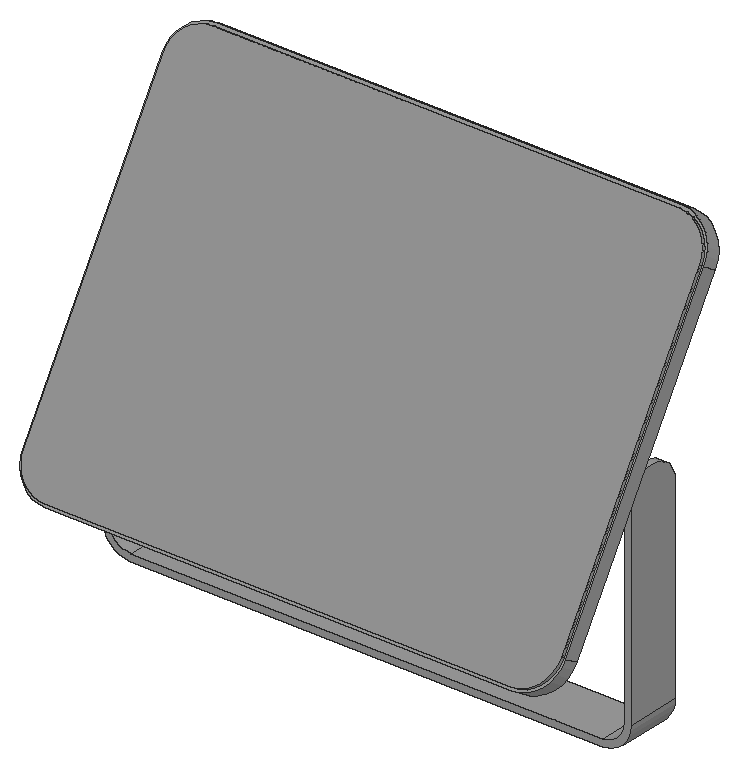
Revit family "0047965 Sylvania Lighting Fixture START eco Flood Flat IP65 2800lm 840", category Lighting Fixtures, host Face, Revit 2016
Family settings
  Host = Face
  Part Type = Normal
  Round Connector Dimension = Use Diameter
  OmniClass Number = 23.80.70.00
  OmniClass Title = Lighting
  Cut with Voids When Loaded = No
  Light Source = No
  Shared = No
  Room Calculation Point = No
Parameters (values of type "0047965 ST E FLD FLT IP65 2800LM 840")
  WidthBracketIn_SYL = if([10W_SYL], 102.2 mm, if([30W_SYL], 143.3 mm, if([50W_SYL], 181 mm, 262.8 mm)))  # 143.3 mm
  Weight = "6.54 kg"
  Wattage Comments = ""
  WarrantyStartDate [instance] = "n/a"
  WarrantyGuarantorParts = "n/a"
  WarrantyDurationUnit = "n/a"
  WarrantyDurationParts = "n/a"
  WarrantyDescription = "n/a"
  Voltage = 0 V
  URL = "http://www.sylvania-lighting.com"
  TypeName = "START eco Flood Flat IP65 2800lm 840"
  TypeLight_SYL = START eco Flood Flat Lamp : 0047965 ST E FLD FLT IP65 2800LM 840
  Type Image = <None>
  Type Comments = "n/a"
  ThicknessBracket_SYL = if([10W_SYL], 1.5 mm, 2 mm)  # 2 mm
  SerialNumber [instance] = "n/a"
  RotationAngle_SYL [instance] = 32.00°
  RadiusBracket_SYL = if([10W_SYL], 7.7 mm, if([30W_SYL], 8 mm, if([50W_SYL], 17 mm, 14 mm)))  # 8 mm
  RadiusBracketIn_SYL = RadiusBracket_SYL - ThicknessBracket_SYL  # 6 mm
  OffsetAxis_SYL = DepthBracket_SYL / 2  # 7.5 mm
  PowerFactor = 0.9
  PowerConsumption = "30 W"
  NominalLength = 156 mm
  NominalHeight = 38 mm
  NominalDepth = 126 mm
  Name = "START eco Flood Flat IP65 2800lm 840"
  ModelReference = Name  # "START eco Flood Flat IP65 2800lm 840"
  ModelNumber = "0047965"
  Model = Name  # "START eco Flood Flat IP65 2800lm 840"
  Material = "adc12 housing"
  ManufacturerName = "Feilo Sylvania"
  Manufacturer = "Feilo Sylvania"
  LuminousEfficacy = "95 lm/W"
  LuminaireType = ""
  LightOutputRatio = "n/a"
  LampsType = Lamp  # "LED"
  LampNominalLuminous = "2850 lm"
  LampMacAdamStep = "n/a"
  LampColourTemperature = "4000 K"
  LampColourRenderingIndex = "80"
  Lamp = "LED"
  Keynote = "16500"
  InstallationDate [instance] = "n/a"
  InputVoltage = "n/a"
  InputNominalFrequency = "n/a"
  IngressProtection = "IP65"
  ImpactProtectionIndex = "IK06"
  IfcExportType = "IfcLightFixtureType"
  IfcExportAs = "IfcLightFixtureType"
  HeightBracket_SYL = if([10W_SYL], 55 mm, if([30W_SYL], 70 mm, if([50W_SYL], 110 mm, 141 mm)))  # 70 mm
  ExpectedLife = 30000
  EndAngle_SYL [instance] = RotationAngle_SYL + 180.00°  # 212.00°
  ElectricShockClassification = "Class I"
  DurationUnit = "hours"
  DocumentationLiterature = "http://www.sylvania-lighting.com/product/en-int/products/0047965"
  DimmingControlOptions = "n/a"
  Description = "The new Start eco Flood Flat comes with improved design. The streamlined, durable, lightweight die-cast aluminium body makes it a perfect choice for building facades, car parks, garages and construction areas. The product includes 1 m pre-wired stripped cable and fitting bracket for quick and easy installation and the universal mounting bracket allows wall or surface mounting with the possibility of vertical tilting. Black die-cast aluminum housing, white reflector, 2850 lm, 30 W, 95 lm/W, 4000K, drive current 116 mA, non dimmable, CRI>80, IP65, IK06, Class I, lumen maintenance L70:B50: 30000 hrs, 156 x 126 x 38 mm (L x W x H). Weight: 0.545kg. Energy class: A++ A+ A."
  DepthBracket_SYL = if([10W_SYL], 15 mm, if([30W_SYL], 15 mm, if([50W_SYL], 17 mm, 25 mm)))  # 15 mm
  Default Elevation = 1219.2 mm
  CreatedOn = "10/8/2018"
  CreatedBy = "@sylvania-lighting.com"
  Cost = 0
  built-in parameter 1114216 [instance] = (empty or 0)
  ClassificationValue = "EF_70_80"
  ClassificationName = "Uniclass2015"
  Material_1_SYL = Body-Sylvania-FloodFlat-Black
  BarCode [instance] = "n/a"
  AssetType = "Fixed"
  AssetIdentifier [instance] = "n/a"
  Assembly Code = "D5020200"
  Apparent Load = 30 VA
  50W_SYL = no
  30W_SYL = yes
  10W_SYL = no
Reference planes
  plane 1 "Center (Front/Back)": y = 0
  plane 2: z = 0
  plane 3 "Center (Left/Right)": x = 0
  plane 4: x = -73.65
  plane 5: x = 73.65
  plane 6: z = 70
  plane 7: z = 62.5
  plane 8: x = -71.65
  plane 9: x = 71.65
  plane 10: z = 2
  plane 11: y = 7.5
  plane 12: y = -7.5
  plane 13: x = -65.65
  plane 14: z = 8
  plane 15: x = 65.65
  plane 16: y = -9.5
  plane 17: z = 72
  plane 18: y = 9.5
Forms (mm)
  Extrusion 1, solid, material "Body-Sylvania-FloodFlat-Black" <- "Material_1_SYL"
    sketch origin (0, 0, 0) x (1, 0, 0) y (0, 0, 1)
      loop
        line (-71.65, 70) -> (-73.65, 70) -> (-73.65, 8)
        arc (-73.65, 8) -> (-71.307, 2.343) -> (-65.65, 0) r 8
        line (-65.65, 0) -> (65.65, 0)
        arc (65.65, 0) -> (71.307, 2.343) -> (73.65, 8) r 8
        line (73.65, 8) -> (73.65, 70) -> (71.65, 70) -> (71.65, 8)
        arc (71.65, 8) -> (69.893, 3.757) -> (65.65, 2) r 6
        line (65.65, 2) -> (-65.65, 2)
        arc (-65.65, 2) -> (-69.893, 3.757) -> (-71.65, 8) r 6
        line (-71.65, 8) -> (-71.65, 70)
    from -7.5 to 7.5
  Extrusion 2, void
    sketch origin (0, 0, 0) x (0, 1, 0) y (0, 0, 1)
      loop
        line (7.5, 62.5) -> (9.5, 62.5) -> (9.5, 72) -> (-9.5, 72) -> (-9.5, 62.5) -> (-7.5, 62.5)
        arc (-7.5, 62.5) -> (0, 70) -> (7.5, 62.5) r 7.5
    from -73.65 to 73.65
  Revolve 3, solid, not visible
    sketch origin (0, 0, 0) x (1, 0, 0) y (0, 0, 1)
      loop
        line (0, 62.5) -> (0, 70) -> (-12.336, 70) -> (-12.336, 62.5) -> (0, 62.5)
      axis (0, 62.5) -> (-12.336, 62.5)
    angle from 32 <- "RotationAngle_SYL" to 212 <- "EndAngle_SYL"
Cuts and joins
  Extrusion 2 cuts Extrusion 1
Dimensions and locks
  equal spacing: plane 9, plane 3 "Center (Left/Right)", plane 8
  "WidthBracketIn_SYL": plane 9 to plane 8
  "ThicknessBracket_SYL": plane 8 to plane 4
  "ThicknessBracket_SYL": plane 5 to plane 9
  "ThicknessBracket_SYL": plane 10 to plane 2
  equal spacing: plane 12, plane 1 "Center (Front/Back)", plane 11
  "DepthBracket_SYL": plane 12 to plane 11
  "OffsetAxis_SYL": plane 7 to plane 6
  "HeightBracket_SYL": plane 6 to plane 2
  "RadiusBracket_SYL": plane 14 to plane 2
  equal spacing: plane 15, plane 3 "Center (Left/Right)", plane 13
  "RadiusBracket_SYL": plane 13 to plane 4
  equal spacing: plane 16, plane 1 "Center (Front/Back)", plane 18
  locked: plane 16 to plane 12 at 2
  locked: plane 6 to plane 17 at 2
  "RadiusBracket_SYL": radius of Extrusion 1 sketch curve  (x2)
  "RadiusBracketIn_SYL": radius of Extrusion 1 sketch curve  (x2)
  aligned and locked: plane 2 to host face
  aligned and locked: level to host face
  aligned and locked: Extrusion 1 sketch curve to plane 6  (x2)
  aligned and locked: Extrusion 1 sketch curve to plane 4
  aligned and locked: plane 5 to Extrusion 1 sketch curve
  aligned and locked: Extrusion 1 sketch curve to plane 9
  aligned and locked: Extrusion 1 sketch curve to plane 2
  aligned and locked: plane 13 to Extrusion 1 sketch curve
  aligned and locked: plane 14 to Extrusion 1 sketch curve  (x2)
  aligned and locked: plane 15 to Extrusion 1 sketch curve
  aligned and locked: Extrusion 1 to plane 11
  aligned and locked: plane 12 to Extrusion 1
  aligned and locked: plane 11 to Extrusion 2 sketch curve
  aligned and locked: plane 1 "Center (Front/Back)" to Extrusion 2 sketch curve
  aligned and locked: plane 7 to Extrusion 2 sketch curve
  aligned and locked: plane 17 to Extrusion 2 sketch curve
  aligned and locked: plane 18 to Extrusion 2 sketch curve
  aligned and locked: Extrusion 2 sketch curve to plane 16
  aligned and locked: Extrusion 2 sketch curve to plane 7  (x2)
  aligned and locked: plane 5 to Extrusion 2
  aligned and locked: Extrusion 2 to plane 4
  aligned and locked: Revolve 3 sketch curve to plane 7  (x2)
  aligned and locked: Revolve 3 sketch curve to plane 3 "Center (Left/Right)"
  aligned and locked: plane 6 to Revolve 3 sketch curve
  aligned and locked: plane 3 "Center (Left/Right)" to nested 1
Automatic sketch dimensions
  host sketch curve to host sketch curve = 2438.4 mm  (x2)
  Revolve 3 sketch curve to plane 3 "Center (Left/Right)" = 12.336 mm
  Revolve 3 sketch curve to plane 4 = 1122.5 mm
  plane 5 to Revolve 3 sketch curve = 1130.9 mm
Nested families
  nested 1: "START eco Flood Flat Lamp" at (0, 3.021, 67.334) x (1, 0, 0) z (0, -0.848, 0.5299), type <- "TypeLight_SYL", type "0047965 ST E FLD FLT IP65 2800LM 840"
    with built-in parameter 1114216 (empty or 0)
Connectors
  electrical at (0, 0, 0), driven by "Apparent Load", driven by "PowerFactor", driven by "Voltage"
    settings: index 1, voltage 0 V, apparent load 30 VA, apparent load phase1 0 VA, apparent load phase2 0 VA, apparent load phase3 0 VA, power factor 0.9, load classification "Lighting", number of poles 1, system type 30, power factor state 1, is connector primary yes, connector utility no, sub classification motor no, connector description ""
Definition of nested family "START eco Flood Flat Lamp"
  Parameters (values of type "0047977 ST E FLD FLT IP65 9000LM 840")
    Width_SYL = if([10W_SYL], 110 mm, if([30W_SYL], 151 mm, if([50W_SYL], 189 mm, 275 mm)))  # 275 mm
    WidthLEDBoard_SYL = if([10W_SYL], 40 mm, if([30W_SYL], 83 mm, if([50W_SYL], 80 mm, 180 mm)))  # 180 mm
    WidthVignette_SYL = if([10W_SYL], 78.6 mm, if([30W_SYL], 120 mm, if([50W_SYL], 157 mm, 226 mm)))  # 226 mm
    WidthBoltHousing_SYL = 4 * OffsetBoltHousing_SYL  # 24.5 mm
    Wattage Comments = "n/a"
    Wattage = 100 W
    built-in parameter 1150110 = 1 (stored number, unit not read)
    URL = "http://www.sylvania-lighting.com"
    Type Image = (empty or 0)
    Type Comments = "n/a"
    built-in parameter 1114217 = 1 (stored number, unit not read)
    Tilt Angle = -90.00°
    ThicknessScreen_SYL = if([10W_SYL], 5 mm, if([30W_SYL], 5.2 mm, if([50W_SYL], 5.4 mm, 6.1 mm)))  # 6.1 mm
    ThicknessDiffuser_SYL = 0.8 mm  # constant formula
    built-in parameter 1150109 = 1 (stored number, unit not read)
    built-in parameter 1150134 = 12
    built-in parameter 1150113 = 1 (stored number, unit not read)
    RotationAxisFromTop_SYL = if([10W_SYL], 48.8 mm, if([30W_SYL], 61.7 mm, if([50W_SYL], 91.3 mm, 133.4 mm)))  # 133.4 mm
    RadiusLEDBoard_SYL = if([10W_SYL], 1.5 mm, if([30W_SYL], 2 mm, if([50W_SYL], 1.9 mm, 3.7 mm)))  # 3.7 mm
    RadiusDiffuser_SYL = RadiusCorners_SYL - ThicknessDiffuser_SYL  # 13.4 mm
    RadiusCorners_SYL = if([10W_SYL], 10.5 mm, if([30W_SYL], 10.7 mm, if([50W_SYL], 10.7 mm, 14.2 mm)))  # 14.2 mm
    RadiusBoltHousing_SYL = if([10W_SYL], 4.1 mm, if([30W_SYL], 4.9 mm, if([50W_SYL], 5 mm, 8.1 mm)))  # 8.1 mm
    RadiusBack_SYL = RadiusCorners_SYL - OffsetXBack_SYL / 3  # 10.117 mm
    RadiusBackB_SYL = RadiusBack_SYL - OffsetXBackB_SYL  # 7.054 mm
    Photometric Web File = "0047977.ies"
    PIR_SYL = no
    PIRHolderRadius_SYL = PIRBaseFillet_SYL + 2 mm  # 11 mm
    PIRFillet_SYL = 3 mm  # constant formula
    PIRBaseWidth_SYL = 38 mm
    PIRBaseFillet_SYL = PIRBaseDepth_SYL / 2  # 9 mm
    PIRBaseDepth_SYL = 18 mm
    OffsetYBack_SYL = (Height_SYL - HeightVignette_SYL) / 4  # 11 mm
    OffsetYBackB_SYL = OffsetYBack_SYL / 4  # 2.75 mm
    OffsetXBack_SYL = (Width_SYL - WidthVignette_SYL) / 4  # 12.25 mm
    OffsetXBackB_SYL = OffsetXBack_SYL / 4  # 3.063 mm
    OffsetBoltHousing_SYL = OffsetXBack_SYL / 2  # 6.125 mm
    Material_7_SYL = none
    Material_6_SYL = none
    Material_5_SYL = none
    Material_3_SYL = none
    Model = "START eco Flood Flat IP65 9000lm 840"
    Manufacturer = "Feilo Sylvania"
    built-in parameter 1150105 = 3437 (stored number, unit not read)
    Lumens = 9500 lm
    built-in parameter 1150115 = 1 (stored number, unit not read)
    built-in parameter 1150137 = (empty or 0)
    built-in parameter 1150139 = (empty or 0)
    built-in parameter 1150112 = 1 (stored number, unit not read)
    built-in parameter 1150114 = 1 (stored number, unit not read)
    Lamp = "LED"
    Keynote = "16500"
    Material_2_SYL = none
    InsertionPlaneFromTop_SYL = if([10W_SYL], 15.1 mm, if([30W_SYL], 14.5 mm, if([50W_SYL], 14.8 mm, 19.3 mm)))  # 19.3 mm
    built-in parameter 1150132 = (empty or 0)
    built-in parameter 1150102 = (empty or 0)
    built-in parameter 1150107 = 4000 (stored number, unit not read)
    built-in parameter 1150138 = (empty or 0)
    built-in parameter 1150106 = 34.37 (stored number, unit not read)
    Height_SYL = if([10W_SYL], 81.6 mm, if([30W_SYL], 112 mm, if([50W_SYL], 140.5 mm, 211 mm)))  # 211 mm
    HeightVignette_SYL = if([10W_SYL], 50 mm, if([30W_SYL], 81 mm, if([50W_SYL], 110 mm, 167 mm)))  # 167 mm
    HeightLEDBoard_SYL = if([10W_SYL], 25 mm, if([30W_SYL], 39 mm, if([50W_SYL], 56 mm, 132 mm)))  # 132 mm
    Emit from Rectangle Width = HeightVignette_SYL - 2 * RadiusVignette_SYL  # 146.2 mm
    Emit from Rectangle Length = WidthVignette_SYL - 2 * RadiusVignette_SYL  # 205.2 mm
    Emit Shape Visible in Rendering = no
    built-in parameter 1150104 = 8.8258 (stored number, unit not read)
    Dimming Lamp Color Temperature Shift = (empty or 0)
    DepthLEDBoard_SYL = (ThicknessScreen_SYL + DepthBack_SYL) / 9  # 2.289 mm
    DepthBack_SYL = if([10W_SYL], 10.2 mm, if([30W_SYL], 14.7 mm, if([50W_SYL], 16.9 mm, 14.5 mm)))  # 14.5 mm
    RadiusVignette_SYL = if([10W_SYL], 4.1 mm, if([30W_SYL], 4.1 mm, if([50W_SYL], 4.1 mm, 10.4 mm)))  # 10.4 mm
    Description = "The new Start eco Flood Flat comes with improved design. The streamlined, durable, lightweight die-cast aluminium body makes it a perfect choice for building facades, car parks, garages and construction areas. The product includes 1 m pre-wired stripped cable and fitting bracket for quick and easy installation and the universal mounting bracket allows wall or surface mounting with the possibility of vertical tilting. Black die-cast aluminum housing, white reflector, 9500 lm, 100 W, 95 lm/W, 4000K, drive current 386 mA, non dimmable, CRI>80, IP65, IK07, Class I, lumen maintenance L70:B50: 30000 hrs, 283 x 263 x 44 mm (L x W x H). Weight: 1.775kg. Energy class: A++ A+ A."
    DepthReflector_SYL = (ThicknessScreen_SYL + DepthBack_SYL) / 2  # 10.3 mm
    Default Elevation = 1219.2 mm
    Cost = 0
    Color Filter = 16777215
    built-in parameter 1114216 [instance] = (empty or 0)
    Material_1_SYL = none
    built-in parameter 1114218 = 1 (stored number, unit not read)
    built-in parameter 1150133 = 10 (stored number, unit not read)
    Assembly Code = "D5020200"
    Apparent Load = 100 VA
    Material_4_SYL = none
    50W_SYL = no
    30W_SYL = no
    10W_SYL = no
  Types (16, lengths in mm): name | Width_SYL | WidthLEDBoard_SYL | WidthVignette_SYL | WidthBoltHousing_SYL | Wattage | ThicknessScreen_SYL | built-in parameter 1150134 | RotationAxisFromTop_SYL | RadiusLEDBoard_SYL | RadiusDiffuser_SYL | RadiusCorners_SYL | RadiusBoltHousing_SYL | RadiusBack_SYL | RadiusBackB_SYL | Photometric Web File | PIR_SYL | OffsetYBack_SYL | OffsetYBackB_SYL | OffsetXBack_SYL | OffsetXBackB_SYL | OffsetBoltHousing_SYL | Model | built-in parameter 1150105 | Lumens | InsertionPlaneFromTop_SYL | built-in parameter 1150107 | built-in parameter 1150106 | Height_SYL | HeightVignette_SYL | HeightLEDBoard_SYL | Emit from Rectangle Width | Emit from Rectangle Length | built-in parameter 1150104 | DepthLEDBoard_SYL | DepthBack_SYL | RadiusVignette_SYL | Description | DepthReflector_SYL | Apparent Load | 50W_SYL | 30W_SYL | 10W_SYL
    0047977 ST E FLD FLT IP65 9000LM 840 | 275 | 180 | 226 | 24.5 | 100 W | 6.1 | 12 | 133.4 | 3.7 | 13.4 | 14.2 | 8.1 | 10.117 | 7.054 | "0047977.ies" | no | 11 | 2.75 | 12.25 | 3.063 | 6.125 | "START eco Flood Flat IP65 9000lm 840" | 3437 (stored number, unit not read) | 9500 lm | 19.3 | 4000 (stored number, unit not read) | 34.37 (stored number, unit not read) | 211 | 167 | 132 | 146.2 | 205.2 | 8.8258 (stored number, unit not read) | 2.289 | 14.5 | 10.4 | "The new Start eco Flood Flat comes with improved design. The streamlined, durable, lightweight die-cast aluminium body makes it a perfect choice for building facades, car parks, garages and construction areas. The product includes 1 m pre-wired stripped cable and fitting bracket for quick and easy installation and the universal mounting bracket allows wall or surface mounting with the possibility of vertical tilting. Black die-cast aluminum housing, white reflector, 9500 lm, 100 W, 95 lm/W, 4000K, drive current 386 mA, non dimmable, CRI>80, IP65, IK07, Class I, lumen maintenance L70:B50: 30000 hrs, 283 x 263 x 44 mm (L x W x H). Weight: 1.775kg. Energy class: A++ A+ A." | 10.3 | 100 VA | no | no | no
    0047976 ST E FLD FLT IP65 9000LM 830 | 275 | 180 | 226 | 24.5 | 100 W | 6.1 | (empty or 0) | 133.4 | 3.7 | 13.4 | 14.2 | 8.1 | 10.117 | 7.054 | "0047976.ies" | no | 11 | 2.75 | 12.25 | 3.063 | 6.125 | "START eco Flood Flat IP65 9000lm 830" | 3256.1 (stored number, unit not read) | 9000 lm | 19.3 | 3000 (stored number, unit not read) | 32.561 (stored number, unit not read) | 211 | 167 | 132 | 146.2 | 205.2 | 8.3613 (stored number, unit not read) | 2.289 | 14.5 | 10.4 | "The new Start eco Flood Flat comes with improved design. The streamlined, durable, lightweight die-cast aluminium body makes it a perfect choice for building facades, car parks, garages and construction areas. The product includes 1 m pre-wired stripped cable and fitting bracket for quick and easy installation and the universal mounting bracket allows wall or surface mounting with the possibility of vertical tilting. Black die-cast aluminum housing, white reflector, 9000 lm, 100 W, 90 lm/W, 3000K, drive current 386 mA, non dimmable, CRI>80, IP65, IK07, Class I, lumen maintenance L70:B50: 30000 hrs, 283 x 263 x 44 mm (L x W x H). Weight: 1.775kg. Energy class: A++ A+ A." | 10.3 | 100 VA | no | no | no
    0047973 ST E FLD FLT IP65 6500LM 840 | 275 | 180 | 226 | 24.5 | 70 W | 6.1 | 12 | 133.4 | 3.7 | 13.4 | 14.2 | 8.1 | 10.117 | 7.054 | "0047973.ies" | no | 11 | 2.75 | 12.25 | 3.063 | 6.125 | "START eco Flood Flat IP65 6500lm 840" | 2460.1 (stored number, unit not read) | 6650 lm | 19.3 | 4000 (stored number, unit not read) | 24.601 (stored number, unit not read) | 211 | 167 | 132 | 146.2 | 205.2 | 8.8258 (stored number, unit not read) | 2.289 | 14.5 | 10.4 | "The new Start eco Flood Flat comes with improved design. The streamlined, durable, lightweight die-cast aluminium body makes it a perfect choice for building facades, car parks, garages and construction areas. The product includes 1 m pre-wired stripped cable and fitting bracket for quick and easy installation and the universal mounting bracket allows wall or surface mounting with the possibility of vertical tilting. Black die-cast aluminum housing, white reflector, 6650 lm, 70 W, 95 lm/W, 4000K, drive current 270 mA, non dimmable, CRI>80, IP65, IK07, Class I, lumen maintenance L70:B50: 30000 hrs, 283 x 263 x 44 mm (L x W x H). Weight: 1.775kg. Energy class: A++ A+ A." | 10.3 | 70 VA | no | no | no
    0047972 ST E FLD FLT IP65 6500LM 830 | 275 | 180 | 226 | 24.5 | 70 W | 6.1 | (empty or 0) | 133.4 | 3.7 | 13.4 | 14.2 | 8.1 | 10.117 | 7.054 | "0047972.ies" | no | 11 | 2.75 | 12.25 | 3.063 | 6.125 | "START eco Flood Flat IP65 6500lm 830" | 2330.6 (stored number, unit not read) | 6300 lm | 19.3 | 3000 (stored number, unit not read) | 23.306 (stored number, unit not read) | 211 | 167 | 132 | 146.2 | 205.2 | 8.3613 (stored number, unit not read) | 2.289 | 14.5 | 10.4 | "The new Start eco Flood Flat comes with improved design. The streamlined, durable, lightweight die-cast aluminium body makes it a perfect choice for building facades, car parks, garages and construction areas. The product includes 1 m pre-wired stripped cable and fitting bracket for quick and easy installation and the universal mounting bracket allows wall or surface mounting with the possibility of vertical tilting. Black die-cast aluminum housing, white reflector, 6300 lm, 70 W, 90 lm/W, 3000K, drive current 270 mA, non dimmable, CRI>80, IP65, IK07, Class I, lumen maintenance L70:B50: 30000 hrs, 283 x 263 x 44 mm (L x W x H). Weight: 1.775kg. Energy class: A++ A+ A." | 10.3 | 70 VA | no | no | no
    0047971 ST E FLD FLT IP54 PIR 4500LM 840 | 189 | 80 | 157 | 16 | 51 W | 5.4 | 12 | 91.3 | 1.9 | 9.9 | 10.7 | 5 | 8.033 | 6.033 | "0047971.ies" | yes | 7.625 | 1.906 | 8 | 2 | 4 | "START eco Flood Flat IP54 PIR 4500lm 840" | 1695.8 (stored number, unit not read) | 4743 lm | 14.8 | 4000 (stored number, unit not read) | 16.958 (stored number, unit not read) | 140.5 | 110 | 56 | 101.8 | 148.8 | 8.64 (stored number, unit not read) | 2.478 | 16.9 | 4.1 | "The new Start eco Flood Flat comes with improved design. The streamlined, durable, lightweight die-cast aluminium body makes it a perfect choice for building facades, car parks, garages and construction areas. The product includes 1 m pre-wired stripped cable and fitting bracket for quick and easy installation and the universal mounting bracket allows wall or surface mounting with the possibility of vertical tilting. Black die-cast aluminum housing, white reflector, 4750 lm, 51 W, 93 lm/W, 4000K, drive current 193 mA, non dimmable, CRI>80, IP54, IK07 - fixture, IK05 - sensor, Class I, lumen maintenance L70:B50: 30000 hrs, 193 x 216 x 70 mm (L x W x H). Weight: 0.85kg.  PIR sensor included. Energy class: A++ A+ A." | 11.15 | 51 VA | yes | no | no
    0047970 ST E FLD FLT IP54 PIR 4500LM 830 | 189 | 80 | 157 | 16 | 51 W | 5.4 | (empty or 0) | 91.3 | 1.9 | 9.9 | 10.7 | 5 | 8.033 | 6.033 | "0047970.ies" | yes | 7.625 | 1.906 | 8 | 2 | 4 | "START eco Flood Flat IP54 PIR 4500lm 830" | 1604.6 (stored number, unit not read) | 4488 lm | 14.8 | 3000 (stored number, unit not read) | 16.046 (stored number, unit not read) | 140.5 | 110 | 56 | 101.8 | 148.8 | 8.1755 (stored number, unit not read) | 2.478 | 16.9 | 4.1 | "The new Start eco Flood Flat comes with improved design. The streamlined, durable, lightweight die-cast aluminium body makes it a perfect choice for building facades, car parks, garages and construction areas. The product includes 1 m pre-wired stripped cable and fitting bracket for quick and easy installation and the universal mounting bracket allows wall or surface mounting with the possibility of vertical tilting. Black die-cast aluminum housing, white reflector, 4500 lm, 51 W, 88 lm/W, 3000K, drive current 193 mA, non dimmable, CRI>80, IP54, IK07 - fixture, IK05 - sensor, Class I, lumen maintenance L70:B50: 30000 hrs, 193 x 216 x 70 mm (L x W x H). Weight: 0.85kg.  PIR sensor included. Energy class: A++ A+ A." | 11.15 | 51 VA | yes | no | no
    0047969 ST E FLD FLT IP65 4500LM 840 | 189 | 80 | 157 | 16 | 50 W | 5.4 | 12 | 91.3 | 1.9 | 9.9 | 10.7 | 5 | 8.033 | 6.033 | "0047969.ies" | no | 7.625 | 1.906 | 8 | 2 | 4 | "START eco Flood Flat IP65 4500lm 840" | 1698.3 (stored number, unit not read) | 4750 lm | 14.8 | 4000 (stored number, unit not read) | 16.983 (stored number, unit not read) | 140.5 | 110 | 56 | 101.8 | 148.8 | 8.8258 (stored number, unit not read) | 2.478 | 16.9 | 4.1 | "The new Start eco Flood Flat comes with improved design. The streamlined, durable, lightweight die-cast aluminium body makes it a perfect choice for building facades, car parks, garages and construction areas. The product includes 1 m pre-wired stripped cable and fitting bracket for quick and easy installation and the universal mounting bracket allows wall or surface mounting with the possibility of vertical tilting. Black die-cast aluminum housing, white reflector, 4750 lm, 50 W, 95 lm/W, 4000K, drive current 193 mA, non dimmable, CRI>80, IP65, IK07, Class I, lumen maintenance L70:B50: 30000 hrs, 193 x 190 x 48 mm (L x W x H). Weight: 0.785kg. Energy class: A++ A+ A." | 11.15 | 50 VA | yes | no | no
    0047968 ST E FLD FLT IP65 4500LM 830 | 189 | 80 | 157 | 16 | 50 W | 5.4 | (empty or 0) | 91.3 | 1.9 | 9.9 | 10.7 | 5 | 8.033 | 6.033 | "0047968.ies" | no | 7.625 | 1.906 | 8 | 2 | 4 | "START eco Flood Flat IP65 4500lm 830" | 1608.9 (stored number, unit not read) | 4500 lm | 14.8 | 3000 (stored number, unit not read) | 16.089 (stored number, unit not read) | 140.5 | 110 | 56 | 101.8 | 148.8 | 8.3613 (stored number, unit not read) | 2.478 | 16.9 | 4.1 | "The new Start eco Flood Flat comes with improved design. The streamlined, durable, lightweight die-cast aluminium body makes it a perfect choice for building facades, car parks, garages and construction areas. The product includes 1 m pre-wired stripped cable and fitting bracket for quick and easy installation and the universal mounting bracket allows wall or surface mounting with the possibility of vertical tilting. Black die-cast aluminum housing, white reflector, 4500 lm, 50 W, 90 lm/W, 3000K, drive current 193 mA, non dimmable, CRI>80, IP65, IK07, Class I, lumen maintenance L70:B50: 30000 hrs, 193 x 190 x 48 mm (L x W x H). Weight: 0.785kg. Energy class: A++ A+ A." | 11.15 | 50 VA | yes | no | no
    0047967 ST E FLD FLT IP54 PIR 2800LM 840 | 151 | 83 | 120 | 15.5 | 31 W | 5.2 | 12 | 61.7 | 2 | 9.9 | 10.7 | 4.9 | 8.117 | 6.179 | "0047967.ies" | yes | 7.75 | 1.938 | 7.75 | 1.938 | 3.875 | "START eco Flood Flat IP54 PIR 2800lm 840" | 1045.5 (stored number, unit not read) | 2852 lm | 14.5 | 4000 (stored number, unit not read) | 10.455 (stored number, unit not read) | 112 | 81 | 39 | 72.8 | 111.8 | 8.5471 (stored number, unit not read) | 2.211 | 14.7 | 4.1 | "The new Start eco Flood Flat comes with improved design. The streamlined, durable, lightweight die-cast aluminium body makes it a perfect choice for building facades, car parks, garages and construction areas. The product includes 1 m pre-wired stripped cable and fitting bracket for quick and easy installation and the universal mounting bracket allows wall or surface mounting with the possibility of vertical tilting. Black die-cast aluminum housing, white reflector, 2850 lm, 31 W, 92 lm/W, 4000K, drive current 116 mA, non dimmable, CRI>80, IP54, IK06 - fixture, IK05 - sensor, Class I, lumen maintenance L70:B50: 30000 hrs, 156 x 178 x 67 mm (L x W x H). Weight: 0.61kg.  PIR sensor included. Energy class: A++ A+ A." | 9.95 | 31 VA | no | yes | no
    0047966 ST E FLD FLT IP54 PIR 2800LM 830 | 151 | 83 | 120 | 15.5 | 31 W | 5.2 | (empty or 0) | 61.7 | 2 | 9.9 | 10.7 | 4.9 | 8.117 | 6.179 | "0047966.ies" | yes | 7.75 | 1.938 | 7.75 | 1.938 | 3.875 | "START eco Flood Flat IP54 PIR 2800lm 830" | 988.72 (stored number, unit not read) | 2697 lm | 14.5 | 3000 (stored number, unit not read) | 9.8872 (stored number, unit not read) | 112 | 81 | 39 | 72.8 | 111.8 | 8.0826 (stored number, unit not read) | 2.211 | 14.7 | 4.1 | "The new Start eco Flood Flat comes with improved design. The streamlined, durable, lightweight die-cast aluminium body makes it a perfect choice for building facades, car parks, garages and construction areas. The product includes 1 m pre-wired stripped cable and fitting bracket for quick and easy installation and the universal mounting bracket allows wall or surface mounting with the possibility of vertical tilting. Black die-cast aluminum housing, white reflector, 2700 lm, 31 W, 87 lm/W, 3000K, drive current 116 mA, non dimmable, CRI>80, IP54, IK06 - fixture, IK05 - sensor, Class I, lumen maintenance L70:B50: 30000 hrs, 156 x 178 x 67 mm (L x W x H). Weight: 0.61kg.  PIR sensor included. Energy class: A++ A+ A." | 9.95 | 31 VA | no | yes | no
    0047965 ST E FLD FLT IP65 2800LM 840 | 151 | 83 | 120 | 15.5 | 30 W | 5.2 | 12 | 61.7 | 2 | 9.9 | 10.7 | 4.9 | 8.117 | 6.179 | "0047965.ies" | no | 7.75 | 1.938 | 7.75 | 1.938 | 3.875 | "START eco Flood Flat IP65 2800lm 840" | 1044.8 (stored number, unit not read) | 2850 lm | 14.5 | 4000 (stored number, unit not read) | 10.448 (stored number, unit not read) | 112 | 81 | 39 | 72.8 | 111.8 | 8.8258 (stored number, unit not read) | 2.211 | 14.7 | 4.1 | "The new Start eco Flood Flat comes with improved design. The streamlined, durable, lightweight die-cast aluminium body makes it a perfect choice for building facades, car parks, garages and construction areas. The product includes 1 m pre-wired stripped cable and fitting bracket for quick and easy installation and the universal mounting bracket allows wall or surface mounting with the possibility of vertical tilting. Black die-cast aluminum housing, white reflector, 2850 lm, 30 W, 95 lm/W, 4000K, drive current 116 mA, non dimmable, CRI>80, IP65, IK06, Class I, lumen maintenance L70:B50: 30000 hrs, 156 x 126 x 38 mm (L x W x H). Weight: 0.545kg. Energy class: A++ A+ A." | 9.95 | 30 VA | no | yes | no
    0047964 ST E FLD FLT IP65 2800LM 830 | 151 | 83 | 120 | 15.5 | 30 W | 5.2 | (empty or 0) | 61.7 | 2 | 9.9 | 10.7 | 4.9 | 8.117 | 6.179 | "0047964.ies" | no | 7.75 | 1.938 | 7.75 | 1.938 | 3.875 | "START eco Flood Flat IP65 2800lm 830" | 989.82 (stored number, unit not read) | 2700 lm | 14.5 | 3000 (stored number, unit not read) | 9.8982 (stored number, unit not read) | 112 | 81 | 39 | 72.8 | 111.8 | 8.3613 (stored number, unit not read) | 2.211 | 14.7 | 4.1 | "The new Start eco Flood Flat comes with improved design. The streamlined, durable, lightweight die-cast aluminium body makes it a perfect choice for building facades, car parks, garages and construction areas. The product includes 1 m pre-wired stripped cable and fitting bracket for quick and easy installation and the universal mounting bracket allows wall or surface mounting with the possibility of vertical tilting. Black die-cast aluminum housing, white reflector, 2700 lm, 30 W, 90 lm/W, 3000K, drive current 116 mA, non dimmable, CRI>80, IP65, IK06, Class I, lumen maintenance L70:B50: 30000 hrs, 156 x 126 x 38 mm (L x W x H). Weight: 0.545kg. Energy class: A++ A+ A." | 9.95 | 30 VA | no | yes | no
    0047963 ST E FLD FLT IP54 PIR 900LM 840 | 110 | 40 | 78.6 | 15.7 | 11 W | 5 | 12 | 48.8 | 1.5 | 9.7 | 10.5 | 4.1 | 7.883 | 5.921 | "0047963.ies" | yes | 7.9 | 1.975 | 7.85 | 1.963 | 3.925 | "START eco Flood Flat IP54 PIR 900lm 840" | 365.78 (stored number, unit not read) | 946 lm | 15.1 | 4000 (stored number, unit not read) | 3.6578 (stored number, unit not read) | 81.6 | 50 | 25 | 41.8 | 70.4 | 7.9897 (stored number, unit not read) | 1.689 | 10.2 | 4.1 | "The new Start eco Flood Flat comes with improved design. The streamlined, durable, lightweight die-cast aluminium body makes it a perfect choice for building facades, car parks, garages and construction areas. The product includes 1 m pre-wired stripped cable and fitting bracket for quick and easy installation and the universal mounting bracket allows wall or surface mounting with the possibility of vertical tilting. Black die-cast aluminum housing, white reflector, 950 lm, 11 W, 86 lm/W, 4000K, drive current 38.6 mA, non dimmable, CRI>80, IP54, IK06 - fixture, IK05 - sensor, Class I, lumen maintenance L70:B50: 30000 hrs, 156 x 178 x 67 mm (L x W x H). Weight: 0.61kg.  PIR sensor included. Energy class: A++ A+ A." | 7.6 | 11 VA | no | no | yes
    0047962 ST E FLD FLT IP54 PIR 900LM 830 | 110 | 40 | 78.6 | 15.7 | 11 W | 5 | (empty or 0) | 48.8 | 1.5 | 9.7 | 10.5 | 4.1 | 7.883 | 5.921 | "0047962.ies" | yes | 7.9 | 1.975 | 7.85 | 1.963 | 3.925 | "START eco Flood Flat IP54 PIR 900lm 830" | 345.53 (stored number, unit not read) | 902 lm | 15.1 | 3000 (stored number, unit not read) | 3.4553 (stored number, unit not read) | 81.6 | 50 | 25 | 41.8 | 70.4 | 7.618 (stored number, unit not read) | 1.689 | 10.2 | 4.1 | "The new Start eco Flood Flat comes with improved design. The streamlined, durable, lightweight die-cast aluminium body makes it a perfect choice for building facades, car parks, garages and construction areas. The product includes 1 m pre-wired stripped cable and fitting bracket for quick and easy installation and the universal mounting bracket allows wall or surface mounting with the possibility of vertical tilting. Black die-cast aluminum housing, white reflector, 900 lm, 11 W, 82 lm/W, 3000K, drive current 38.6 mA, non dimmable, CRI>80, IP54, IK06 - fixture, IK05 - sensor, Class I, lumen maintenance L70:B50: 30000 hrs, 156 x 178 x 67 mm (L x W x H). Weight: 0.61kg.  PIR sensor included. Energy class: A++ A+ A." | 7.6 | 11 VA | no | no | yes
    0047961 ST E FLD FLT IP65 900LM 840 | 110 | 40 | 78.6 | 15.7 | 10 W | 5 | 12 | 48.8 | 1.5 | 9.7 | 10.5 | 4.1 | 7.883 | 5.921 | "0047961.ies" | no | 7.9 | 1.975 | 7.85 | 1.963 | 3.925 | "START eco Flood Flat IP65 900lm 840" | 367.33 (stored number, unit not read) | 950 lm | 15.1 | 4000 (stored number, unit not read) | 3.6733 (stored number, unit not read) | 81.6 | 50 | 25 | 41.8 | 70.4 | 8.8258 (stored number, unit not read) | 1.689 | 10.2 | 4.1 | "The new Start eco Flood Flat comes with improved design. The streamlined, durable, lightweight die-cast aluminium body makes it a perfect choice for building facades, car parks, garages and construction areas. The product includes 1 m pre-wired stripped cable and fitting bracket for quick and easy installation and the universal mounting bracket allows wall or surface mounting with the possibility of vertical tilting. Black die-cast aluminum housing, white reflector, 950 lm, 10 W, 95 lm/W, 4000K, drive current 38.6 mA, non dimmable, CRI>80, IP65, IK06, Class I, lumen maintenance L70:B50: 30000 hrs, 114 x 96 x 38 mm (L x W x H). Weight: 0.33kg. Energy class: A++ A+ A." | 7.6 | 10 VA | no | no | yes
    0047960 ST E FLD FLT IP65 900LM 830 | 110 | 40 | 78.6 | 15.7 | 10 W | 5 | (empty or 0) | 48.8 | 1.5 | 9.7 | 10.5 | 4.1 | 7.883 | 5.921 | "0047960.ies" | no | 7.9 | 1.975 | 7.85 | 1.963 | 3.925 | "START eco Flood Flat IP65 900lm 830" | 344.76 (stored number, unit not read) | 900 lm | 15.1 | 3000 (stored number, unit not read) | 3.4476 (stored number, unit not read) | 81.6 | 50 | 25 | 41.8 | 70.4 | 8.3613 (stored number, unit not read) | 1.689 | 10.2 | 4.1 | "The new Start eco Flood Flat comes with improved design. The streamlined, durable, lightweight die-cast aluminium body makes it a perfect choice for building facades, car parks, garages and construction areas. The product includes 1 m pre-wired stripped cable and fitting bracket for quick and easy installation and the universal mounting bracket allows wall or surface mounting with the possibility of vertical tilting. Black die-cast aluminum housing, white reflector, 900 lm, 10 W, 90 lm/W, 3000K, drive current 38.6 mA, non dimmable, CRI>80, IP65, IK06, Class I, lumen maintenance L70:B50: 30000 hrs, 114 x 96 x 38 mm (L x W x H). Weight: 0.33kg. Energy class: A++ A+ A." | 7.6 | 10 VA | no | no | yes
  Reference planes
    plane 1 "Center (Front/Back)": y = 0
    plane 2: z = 0
    plane 3 "Center (Left/Right)": x = 0
    plane 4: y = 105.5
    plane 5: y = -105.5
    plane 6: x = 137.5
    plane 7: x = -137.5
    plane 8: y = 83.5
    plane 9: y = -83.5
    plane 10: x = -113
    plane 11: x = 113
    plane 12: x = -123.3
    plane 13: y = 91.3
    plane 14: y = -91.3
    plane 15: x = 123.3
    plane 16: x = -102.6
    plane 17: y = 73.1
    plane 18: x = 102.6
    plane 19: y = -73.1
    plane 20: z = 19.3
    plane 21: z = 13.2
    plane 22: z = 9
    plane 23: z = -1.3
    plane 24: x = -125.25
    plane 25: y = 94.5
    plane 26: y = -94.5
    plane 27: x = 125.25
    plane 28: x = -122.187
    plane 29: x = 122.188
    plane 30: y = 91.75
    plane 31: y = -91.75
    plane 32: z = 18.5
    plane 33: x = -90
    plane 34: x = 90
    plane 35: y = 66
    plane 36: y = -66
    plane 37: z = 6.711
    plane 38: x = -136.7
    plane 39: y = 104.7
    plane 40: y = -104.7
    plane 41: x = 136.7
    plane 42: x = -131.375
    plane 43: x = 131.375
    plane 44: x = -106.875
    plane 45: x = 106.875
    plane 46 "RotationAxis": y = -27.9
    plane 47: y = -19.8
    plane 48: x = -19
    plane 49: x = 19
    plane 50: z = -10.3
    plane 51: z = 7.7
    plane 52: x = 10
    plane 53: x = -10
    plane 54: y = -155.5
    plane 55: y = -137.5
    plane 56: y = -146.5
    plane 57: x = -9
    plane 58: x = 9
    plane 59: y = -119.7
    plane 60: y = -173.3
    plane 61: x = -35.3
    plane 62: x = 35.3
    plane 63: z = 39.2
    plane 64: z = 33.7
  Forms (mm)
    Extrusion 1, solid
      sketch origin (4.2, 0, 0) x (1, 0, 0) y (0, 1, 0)
        loop
          line (-1219.2, 1219.2) -> (-1219.2, -1219.2) -> (1219.2, -1219.2) -> (1219.2, 1219.2) -> (-1219.2, 1219.2)
      from 0 to -68.017
    Extrusion 2, solid, material <- "Material_1_SYL"
      sketch origin (1223.4, -4572, 19.3) x (0, -1, 0) y (-1, 0, 0)
        loop
          line (-4677.5, 1346.7) -> (-4677.5, 1100.1)
          arc (-4677.5, 1100.1) -> (-4673.341, 1090.059) -> (-4663.3, 1085.9) r 14.2
          line (-4663.3, 1085.9) -> (-4480.7, 1085.9)
          arc (-4480.7, 1085.9) -> (-4470.659, 1090.059) -> (-4466.5, 1100.1) r 14.2
          line (-4466.5, 1100.1) -> (-4466.5, 1346.7)
          arc (-4466.5, 1346.7) -> (-4470.659, 1356.741) -> (-4480.7, 1360.9) r 14.2
          line (-4480.7, 1360.9) -> (-4663.3, 1360.9)
          arc (-4663.3, 1360.9) -> (-4673.341, 1356.741) -> (-4677.5, 1346.7) r 14.2
      from 6.1 to 0.8
    Blend 3, solid, material <- "Material_1_SYL"
      base sketch origin (1223.4, -4572, 13.2) x (0, -1, 0) y (1, 0, 0)
        loop
          arc (-4666.5, -1338.533) -> (-4663.537, -1345.687) -> (-4656.383, -1348.65) r 10.117
          line (-4656.383, -1348.65) -> (-4487.617, -1348.65)
          arc (-4487.617, -1348.65) -> (-4480.463, -1345.687) -> (-4477.5, -1338.533) r 10.117
          line (-4477.5, -1338.533) -> (-4477.5, -1108.267)
          arc (-4477.5, -1108.267) -> (-4480.463, -1101.113) -> (-4487.617, -1098.15) r 10.117
          line (-4487.617, -1098.15) -> (-4656.383, -1098.15)
          arc (-4656.383, -1098.15) -> (-4663.537, -1101.113) -> (-4666.5, -1108.267) r 10.117
          line (-4666.5, -1108.267) -> (-4666.5, -1338.533)
      top sketch origin (1223.4, -4572, 13.2) x (0, -1, 0) y (1, 0, 0)
        loop
          arc (-4663.75, -1338.533) -> (-4661.684, -1343.521) -> (-4656.696, -1345.588) r 7.054
          line (-4656.696, -1345.588) -> (-4487.304, -1345.588)
          arc (-4487.304, -1345.588) -> (-4482.316, -1343.521) -> (-4480.25, -1338.533) r 7.054
          line (-4480.25, -1338.533) -> (-4480.25, -1108.267)
          arc (-4480.25, -1108.267) -> (-4482.316, -1103.279) -> (-4487.304, -1101.213) r 7.054
          line (-4487.304, -1101.213) -> (-4656.696, -1101.213)
          arc (-4656.696, -1101.213) -> (-4661.684, -1103.279) -> (-4663.75, -1108.267) r 7.054
          line (-4663.75, -1108.267) -> (-4663.75, -1338.533)
      from 0 to -14.5
    Blend 4, void
      base sketch origin (1223.4, -4572, 18.5) x (-1, 0, 0) y (0, -1, 0)
        loop
          arc (1326, -4655.5) -> (1333.354, -4652.454) -> (1336.4, -4645.1) r 10.4
          line (1336.4, -4645.1) -> (1336.4, -4498.9)
          arc (1336.4, -4498.9) -> (1333.354, -4491.546) -> (1326, -4488.5) r 10.4
          line (1326, -4488.5) -> (1120.8, -4488.5)
          arc (1120.8, -4488.5) -> (1113.446, -4491.546) -> (1110.4, -4498.9) r 10.4
          line (1110.4, -4498.9) -> (1110.4, -4645.1)
          arc (1110.4, -4645.1) -> (1113.446, -4652.454) -> (1120.8, -4655.5) r 10.4
          line (1120.8, -4655.5) -> (1326, -4655.5)
      top sketch origin (1223.4, -4572, 18.5) x (0, -1, 0) y (1, 0, 0)
        loop
          arc (-4638, -1309.7) -> (-4636.916, -1312.316) -> (-4634.3, -1313.4) r 3.7
          line (-4634.3, -1313.4) -> (-4509.7, -1313.4)
          arc (-4509.7, -1313.4) -> (-4507.084, -1312.316) -> (-4506, -1309.7) r 3.7
          line (-4506, -1309.7) -> (-4506, -1137.1)
          arc (-4506, -1137.1) -> (-4507.084, -1134.484) -> (-4509.7, -1133.4) r 3.7
          line (-4509.7, -1133.4) -> (-4634.3, -1133.4)
          arc (-4634.3, -1133.4) -> (-4636.916, -1134.484) -> (-4638, -1137.1) r 3.7
          line (-4638, -1137.1) -> (-4638, -1309.7)
      from 0 to -9.5
    Extrusion 5, void
      sketch origin (1223.4, -4572, 9) x (-1, 0, 0) y (0, -1, 0)
        loop
          arc (1133.4, -4634.3) -> (1134.484, -4636.916) -> (1137.1, -4638) r 3.7
          line (1137.1, -4638) -> (1309.7, -4638)
          arc (1309.7, -4638) -> (1312.316, -4636.916) -> (1313.4, -4634.3) r 3.7
          line (1313.4, -4634.3) -> (1313.4, -4509.7)
          arc (1313.4, -4509.7) -> (1312.316, -4507.084) -> (1309.7, -4506) r 3.7
          line (1309.7, -4506) -> (1137.1, -4506)
          arc (1137.1, -4506) -> (1134.484, -4507.084) -> (1133.4, -4509.7) r 3.7
          line (1133.4, -4509.7) -> (1133.4, -4634.3)
      from 4.2 to -2.289
    Extrusion 6, solid, material <- "Material_3_SYL"
      sketch origin (1223.4, -4572, 19.3) x (0, -1, 0) y (-1, 0, 0)
        loop
          line (-4676.7, 1346.7) -> (-4676.7, 1100.1)
          arc (-4676.7, 1100.1) -> (-4672.775, 1090.625) -> (-4663.3, 1086.7) r 13.4
          line (-4663.3, 1086.7) -> (-4480.7, 1086.7)
          arc (-4480.7, 1086.7) -> (-4471.225, 1090.625) -> (-4467.3, 1100.1) r 13.4
          line (-4467.3, 1100.1) -> (-4467.3, 1346.7)
          arc (-4467.3, 1346.7) -> (-4471.225, 1356.175) -> (-4480.7, 1360.1) r 13.4
          line (-4480.7, 1360.1) -> (-4663.3, 1360.1)
          arc (-4663.3, 1360.1) -> (-4672.775, 1356.175) -> (-4676.7, 1346.7) r 13.4
      from 0 to 0.8
    Revolve 7, solid, material <- "Material_1_SYL"
      sketch origin (0, 0, 0) x (1, 0, 0) y (0, 1, 0)
        loop
          line (-131.375, -27.9) -> (-106.875, -27.9) -> (-106.875, -19.8) -> (-131.375, -19.8) -> (-131.375, -27.9)
        loop
          line (131.375, -27.9) -> (131.375, -19.8) -> (106.875, -19.8) -> (106.875, -27.9) -> (131.375, -27.9)
        axis (131.375, -27.9) -> (-131.375, -27.9)
      angle from 360 to 0
    Extrusion 8, solid, material <- "Material_1_SYL", visible <- "PIR_SYL"
      sketch origin (1524, -104.7, 1219.2) x (1, 0, 0) y (0, 0, 1)
        loop
          arc (-1514, -1229.5) -> (-1505, -1220.5) -> (-1514, -1211.5) r 9
          line (-1514, -1211.5) -> (-1534, -1211.5)
          arc (-1534, -1211.5) -> (-1543, -1220.5) -> (-1534, -1229.5) r 9
          line (-1534, -1229.5) -> (-1514, -1229.5)
      from 0 to -21.2
    Extrusion 9, solid, material <- "Material_6_SYL", visible <- "PIR_SYL"
      sketch origin (1524, -104.7, 1219.2) x (1, 0, 0) y (0, 0, 1)
        loop
          circle (-1524, -1220.5) r 9
      from 0 to 41.8
    Extrusion 10, solid, material <- "Material_6_SYL", visible <- "PIR_SYL"
      sketch origin (0, 0, 0) x (0, 1, 0) y (0, 0, 1)
        loop
          circle (-146.5, -1.3) r 11
      from -10 to 10
    Extrusion 11, solid, material <- "Material_6_SYL", visible <- "PIR_SYL"
      sketch origin (1223.4, -4572, -1.3) x (0, -1, 0) y (-1, 0, 0)
        loop
          circle (-4425.5, 1223.4) r 9
      from 0 to -14.5
    Extrusion 12, solid, material <- "Material_6_SYL", visible <- "PIR_SYL"
      sketch origin (1223.4, -4572, 13.2) x (0, -1, 0) y (-1, 0, 0)
        loop
          line (-4452.3, 1255.7) -> (-4452.3, 1191.1)
          arc (-4452.3, 1191.1) -> (-4451.421, 1188.979) -> (-4449.3, 1188.1) r 3
          line (-4449.3, 1188.1) -> (-4401.7, 1188.1)
          arc (-4401.7, 1188.1) -> (-4399.579, 1188.979) -> (-4398.7, 1191.1) r 3
          line (-4398.7, 1191.1) -> (-4398.7, 1255.7)
          arc (-4398.7, 1255.7) -> (-4399.579, 1257.821) -> (-4401.7, 1258.7) r 3
          line (-4401.7, 1258.7) -> (-4449.3, 1258.7)
          arc (-4449.3, 1258.7) -> (-4451.421, 1257.821) -> (-4452.3, 1255.7) r 3
      from 0 to -26
    Revolve 13, solid, material <- "Material_7_SYL", visible <- "PIR_SYL"
      sketch origin (0, -146.5, 2438.4) x (0, 0, 1) y (1, 0, 0)
        loop
          arc (-2387.2, 0) -> (-2390.514, 10.247) -> (-2399.2, 16.613) r 17.5
          line (-2399.2, 16.613) -> (-2399.2, 0) -> (-2387.2, 0)
        axis (-2399.2, 0) -> (-2387.2, 0)
      angle from 360 to 0
  Cuts and joins
    Blend 4, Extrusion 5 cuts Extrusion 2
    Blend 4, Extrusion 5 cuts Blend 3
    joined: Extrusion 2, Blend 3
  Lines and regions (mm)
    Split face 1
      outline origin (1223.4, -4572, 19.3) x (0, -1, 0) y (1, 0, 0)
        loop
          arc (-4655.5, -1326) -> (-4652.454, -1333.354) -> (-4645.1, -1336.4) r 10.4
          line (-4645.1, -1336.4) -> (-4498.9, -1336.4)
          arc (-4498.9, -1336.4) -> (-4491.546, -1333.354) -> (-4488.5, -1326) r 10.4
          line (-4488.5, -1326) -> (-4488.5, -1120.8)
          arc (-4488.5, -1120.8) -> (-4491.546, -1113.446) -> (-4498.9, -1110.4) r 10.4
          line (-4498.9, -1110.4) -> (-4645.1, -1110.4)
          arc (-4645.1, -1110.4) -> (-4652.454, -1113.446) -> (-4655.5, -1120.8) r 10.4
          line (-4655.5, -1120.8) -> (-4655.5, -1326)
  Dimensions and locks
    equal spacing: plane 5, plane 1 "Center (Front/Back)", plane 4
    "Height_SYL": plane 5 to plane 4
    equal spacing: plane 7, plane 3 "Center (Left/Right)", plane 6
    "Width_SYL": plane 7 to plane 6
    equal spacing: plane 10, plane 3 "Center (Left/Right)", plane 11
    equal spacing: plane 9, plane 1 "Center (Front/Back)", plane 8
    "HeightVignette_SYL": plane 9 to plane 8
    "WidthVignette_SYL": plane 10 to plane 11
    equal spacing: plane 12, plane 3 "Center (Left/Right)", plane 15
    equal spacing: plane 14, plane 1 "Center (Front/Back)", plane 13
    "RadiusCorners_SYL": plane 13 to plane 4
    "RadiusCorners_SYL": plane 7 to plane 12
    equal spacing: plane 16, plane 3 "Center (Left/Right)", plane 18
    equal spacing: plane 19, plane 1 "Center (Front/Back)", plane 17
    "RadiusVignette_SYL": plane 17 to plane 8
    "RadiusVignette_SYL": plane 18 to plane 11
    "InsertionPlaneFromTop_SYL": plane 20 to plane 2
    "ThicknessScreen_SYL": plane 20 to plane 21
    "DepthReflector_SYL": plane 20 to plane 22
    "DepthBack_SYL": plane 21 to plane 23
    equal spacing: plane 24, plane 3 "Center (Left/Right)", plane 27
    "OffsetXBack_SYL": plane 7 to plane 24
    equal spacing: plane 26, plane 1 "Center (Front/Back)", plane 25
    "OffsetYBack_SYL": plane 25 to plane 4
    equal spacing: plane 28, plane 3 "Center (Left/Right)", plane 29
    "OffsetXBackB_SYL": plane 24 to plane 28
    equal spacing: plane 31, plane 1 "Center (Front/Back)", plane 30
    "OffsetYBackB_SYL": plane 30 to plane 25
    "ThicknessDiffuser_SYL": plane 20 to plane 32
    equal spacing: plane 33, plane 3 "Center (Left/Right)", plane 34
    "WidthLEDBoard_SYL": plane 33 to plane 34
    equal spacing: plane 36, plane 1 "Center (Front/Back)", plane 35
    "HeightLEDBoard_SYL": plane 36 to plane 35
    "DepthLEDBoard_SYL": plane 22 to plane 37
    equal spacing: plane 38, plane 3 "Center (Left/Right)", plane 41
    "ThicknessDiffuser_SYL": plane 7 to plane 38
    equal spacing: plane 40, plane 1 "Center (Front/Back)", plane 39
    "ThicknessDiffuser_SYL": plane 5 to plane 40
    equal spacing: plane 43, plane 3 "Center (Left/Right)", plane 42
    "OffsetBoltHousing_SYL": plane 42 to plane 7
    equal spacing: plane 45, plane 3 "Center (Left/Right)", plane 44
    "WidthBoltHousing_SYL": plane 44 to plane 42
    "RotationAxisFromTop_SYL": plane 46 "RotationAxis" to plane 4
    "RadiusBoltHousing_SYL": plane 46 "RotationAxis" to plane 47
    equal spacing: plane 49, plane 3 "Center (Left/Right)", plane 48
    "PIRBaseWidth_SYL": plane 49 to plane 48
    equal spacing: plane 50, plane 23, plane 51
    equal spacing: plane 52, plane 3 "Center (Left/Right)", plane 53
    "PIRBaseFillet_SYL": plane 49 to plane 52
    "PIRBaseDepth_SYL": plane 50 to plane 51
    locked: plane 54 to plane 40 at 50.8
    "PIRBaseDepth_SYL": plane 55 to plane 54
    equal spacing: plane 54, plane 56, plane 55
    equal spacing: plane 57, plane 3 "Center (Left/Right)", plane 58
    "PIRBaseDepth_SYL": plane 57 to plane 58
    equal spacing: plane 61, plane 3 "Center (Left/Right)", plane 62
    locked: plane 61 to plane 62 at 70.6
    equal spacing: plane 59, plane 56, plane 60
    plane 59 to plane 60 = 53.6 mm
    locked: plane 21 to plane 63 at 26
    locked: plane 64 to plane 63 at 5.5
    "RadiusCorners_SYL": radius of Extrusion 2 sketch curve  (x4)
    "RadiusVignette_SYL": radius of Blend 4 sketch curve  (x4)
    "RadiusLEDBoard_SYL": radius of Blend 4 sketch curve  (x4)
    "RadiusDiffuser_SYL": radius of Extrusion 6 sketch curve  (x4)
    "RadiusBack_SYL": radius of Blend 3 sketch curve  (x4)
    "RadiusBackB_SYL": radius of Blend 3 sketch curve  (x4)
    "PIRBaseFillet_SYL": radius of Extrusion 9 sketch curve
    "PIRHolderRadius_SYL": radius of Extrusion 10 sketch curve
    "PIRBaseFillet_SYL": radius of Extrusion 11 sketch curve
    "PIRFillet_SYL": radius of Extrusion 12 sketch curve  (x4)
    aligned and locked: plane 2 to Extrusion 1
    aligned and locked: level to Extrusion 1
    aligned and locked: plane 4 to Extrusion 2 sketch curve
    aligned and locked: plane 7 to Extrusion 2 sketch curve
    aligned and locked: Extrusion 2 sketch curve to plane 5
    aligned and locked: Extrusion 2 sketch curve to plane 6
    aligned and locked: plane 12 to Extrusion 2 sketch curve
    aligned and locked: plane 14 to Extrusion 2 sketch curve
    aligned and locked: plane 15 to Extrusion 2 sketch curve
    aligned and locked: plane 13 to Extrusion 2 sketch curve
    aligned and locked: plane 21 to Extrusion 2
    aligned and locked: Blend 3 sketch curve to plane 25
    aligned and locked: Blend 3 sketch curve to plane 24
    aligned and locked: plane 26 to Blend 3 sketch curve
    aligned and locked: plane 27 to Blend 3 sketch curve
    aligned and locked: Blend 3 sketch curve to plane 30
    aligned and locked: Blend 3 sketch curve to plane 28
    aligned and locked: plane 31 to Blend 3 sketch curve
    aligned and locked: plane 29 to Blend 3 sketch curve
    aligned and locked: plane 23 to Blend 3
    aligned and locked: Blend 3 to plane 21
    aligned and locked: Extrusion 2 to plane 32
    aligned and locked: plane 8 to Blend 4 sketch curve
    aligned and locked: plane 10 to Blend 4 sketch curve
    aligned and locked: Blend 4 sketch curve to plane 9
    aligned and locked: Blend 4 sketch curve to plane 11
    aligned and locked: plane 35 to Blend 4 sketch curve
    aligned and locked: plane 33 to Blend 4 sketch curve
    aligned and locked: Blend 4 sketch curve to plane 36
    aligned and locked: Blend 4 sketch curve to plane 34
    aligned and locked: plane 22 to Blend 4
    aligned and locked: Extrusion 2 to Blend 4
    aligned and locked: Extrusion 5 sketch curve to cut or joined group of Extrusion 2, Blend 3, Blend 4, Extrusion 5  (x4)
    aligned and locked: plane 37 to Extrusion 5
    aligned and locked: Extrusion 5 to plane 21
    aligned and locked: Extrusion 6 sketch curve to plane 39
    aligned and locked: Extrusion 6 sketch curve to plane 38
    aligned and locked: plane 40 to Extrusion 6 sketch curve
    aligned and locked: plane 41 to Extrusion 6 sketch curve
    aligned and locked: plane 32 to Extrusion 6
    aligned and locked: Extrusion 6 to plane 20
    aligned and locked: Split face 1 sketch curve to cut or joined group of Extrusion 2, Blend 3, Blend 4, Extrusion 5  (x4)
    aligned and locked: Revolve 7 sketch curve to plane 42
    aligned and locked: Revolve 7 sketch curve to plane 43
    aligned and locked: plane 45 to Revolve 7 sketch curve
    aligned and locked: plane 44 to Revolve 7 sketch curve
    aligned and locked: Revolve 7 sketch curve to plane 46 "RotationAxis"
    aligned and locked: Revolve 7 sketch curve to Revolve 7 sketch curve  (x2)
    aligned and locked: plane 47 to Revolve 7 sketch curve
    aligned and locked: plane 51 to Extrusion 8 sketch curve
    aligned and locked: plane 52 to Extrusion 8 sketch curve
    aligned and locked: plane 23 to Extrusion 8 sketch curve
    aligned and locked: plane 53 to Extrusion 8 sketch curve
    aligned and locked: plane 40 to Extrusion 8
    aligned and locked: Extrusion 8 to plane 9
    aligned and locked: plane 50 to Extrusion 8 sketch curve
    aligned and locked: plane 3 "Center (Left/Right)" to Extrusion 9 sketch curve
    aligned and locked: plane 23 to Extrusion 9 sketch curve
    aligned and locked: Extrusion 9 to plane 40
    aligned and locked: plane 23 to Extrusion 10 sketch curve
    aligned and locked: plane 56 to Extrusion 10 sketch curve
    aligned and locked: Extrusion 10 to plane 53
    aligned and locked: plane 52 to Extrusion 10
    aligned and locked: Extrusion 9 to plane 56
    aligned and locked: plane 3 "Center (Left/Right)" to Extrusion 11 sketch curve
    aligned and locked: plane 56 to Extrusion 11 sketch curve
    aligned and locked: plane 23 to Extrusion 11
    aligned and locked: Extrusion 11 to plane 21
    aligned and locked: plane 59 to Extrusion 12 sketch curve
    aligned and locked: Extrusion 12 sketch curve to plane 61
    aligned and locked: Extrusion 12 sketch curve to plane 60
    aligned and locked: plane 62 to Extrusion 12 sketch curve
    aligned and locked: plane 21 to Extrusion 12
    aligned and locked: Extrusion 12 to plane 63
    aligned and locked: cut or joined group of Extrusion 2, Blend 3, Blend 4, Extrusion 5 to Extrusion 12
    aligned and locked: Revolve 13 sketch curve to plane 3 "Center (Left/Right)"
    aligned and locked: plane 3 "Center (Left/Right)" to Revolve 13 sketch curve  (x2)
    aligned and locked: plane 64 to Revolve 13 sketch curve
    aligned and locked: Revolve 13 sketch curve to plane 63
    aligned and locked: plane 3 "Center (Left/Right)" to imposter light
    aligned and locked: imposter light to plane 1 "Center (Front/Back)"
    aligned and locked: imposter light to plane 20
  Automatic sketch dimensions
    Extrusion 1 sketch curve to Extrusion 1 sketch curve = 2438.4 mm  (x2)
    plane 47 to Revolve 7 sketch curve = 0 mm
    Revolve 7 sketch curve to plane 7 = 1469 mm
    plane 6 to Revolve 7 sketch curve = 1469 mm
    Extrusion 8 sketch curve to plane 53 = 0 mm
    plane 50 to Revolve 13 sketch curve = 593.1 mm
    Revolve 13 sketch curve to Revolve 13 sketch curve = 2561.658 mm
    Revolve 13 sketch curve to plane 63 = 12 mm
